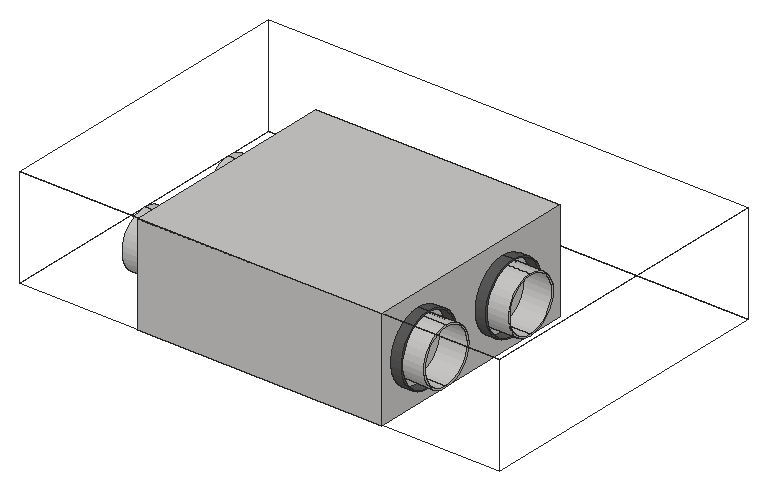
Revit family "Broan®-SKY_Series-Energy_Recovery_Ventilator-102_CFM_at_0.4_in._w.g", category Mechanical Equipment, Revit 2019
Family settings
  Round Connector Dimension = Use Diameter
  Classification = None
  Part Type = Normal
  Work Plane-Based = Yes
  Always vertical = No
  Cut with Voids When Loaded = No
  Shared = No
  Room Calculation Point = No
Parameters (values of type "ERV100S")
  c Width = 22.00"
  c Vent Height = (Width - c Width) / 2  # 2.565"
  c Top Clearance = 0.00"  # constant formula
  c Right Clrearance = 8.00"  # constant formula
  c Offset vent side = (Length - 1.00") / 4  # 4.75"
  c MC width = 6.25" / 2  # 3.125"
  c Left Clearance = 8.00"  # constant formula
  c Gen Diameter = 5.00"  # constant formula
  c Front Clearance = 8.00"  # constant formula
  c Back Clearance = 0.00"  # constant formula
  Width = 27.13"  # constant formula
  Voltage = 120 V
  Version = ""
  URL = "https://www.broan-nutone.com/"
  Support Phone = "(224) 699-9545"  # constant formula
  Support Email = "mailto:support@anguleris.com"
  Supply Air Connection Diameter = c Gen Diameter  # 5"
  Return Air Connection Diameter = c Gen Diameter  # 5"
  Requirements and Standards = "CSA C439\r\nUL 1812\r\nCSA C22.2\r\nCSA C444"
  Product Page URL = "https://www.broan-nutone.com/en-us/product/freshairsystems/erv100s"
  Product Name = "Broan® SKY Series Energy Recovery Ventilator, 102 CFM at 0.4 in. w.g."
  Product Documentation Link = "https://www.broan-nutone.com/getmedia/dd3e5fb3-abfc-42f9-9000-466b3a61f9da/Spec-Sheet-ERV100S.pdf?ext=.pdf"
  Power Factor = 0
  Phase = 1
  Operating Weight = 32.00 lbf  # constant formula
  Number of Poles = 1
  Noise = 67.8
  Model = "ERV100S"
  Manufacturer Phone Number = "800-558-1711"  # constant formula
  Manufacturer Contact Information = "mailto:info@broan-nutone.com"
  Manufacturer Address = "\"926 W State St, Hartford, WI 53027\""
  Manufacturer = "Broan"  # constant formula
  Length = 20.00"  # constant formula
  Height = 9.00"  # constant formula
  Frequency = 60 Hz
  Fan Wattage = 96 W
  Exhaust Air Connection Diameter = c Gen Diameter  # 5"
  Default Elevation = 0.00"
  Copyright = "\"Copyright © 2021 Broan-NuTone, LLC. All Rights Reserved\""
  c Lenght = Length - (6.25" / 2)  # 16.875"
  Clearance [instance] = yes
  Air Volume = 100 CFM  # constant formula
Reference planes (in)
  plane 1 "Center (Front/Back)": y = 0
  plane 2: z = 0
  plane 3 "Center (Left/Right)": x = 0
  plane 4: y = 11
  plane 5: x = 13.565
  plane 6: y = -9
  plane 7: x = -13.565
  plane 8: z = 9
  plane 9: x = 11
  plane 10: x = -11
  plane 11: y = 19
  plane 12: x = 21.565
  plane 13: y = -9
  plane 14: x = -21.565
  plane 15: z = 4.75
  plane 16: z = 5.5
  plane 17: z = 9
  plane 18: y = 4.5
  plane 19: y = -5
Forms (in)
  Extrusion 1, solid, material "Metal - Broan NuTone - Steel"
    sketch origin (0, 0, 0) x (1, 0, 0) y (0, 1, 0)
      loop
        line (11, 11) -> (-11, 11) -> (-11, -9) -> (11, -9) -> (11, 11)
    from 0 to 9
  Extrusion 2, solid, material "Clearances - Broan NuTone", visible <- "Clearance"
    sketch origin (0, 0, 0) x (1, 0, 0) y (0, 1, 0)
      loop
        line (-21.565, 19) -> (-21.565, -9) -> (21.565, -9) -> (21.565, 19) -> (-21.565, 19)
    from 0 to 9
Dimensions and locks (in)
  equal spacing: plane 7, plane 3 "Center (Left/Right)", plane 5
  "Height": plane 8 to level
  "Width": plane 7 to plane 5
  "Length": plane 6 to plane 4
  "c Front Clearance": plane 11 to plane 4
  "c Back Clearance": plane 13 to plane 6
  "c Left Clearance": plane 14 to plane 7
  "c Right Clrearance": plane 5 to plane 12
  equal spacing: plane 10, plane 3 "Center (Left/Right)", plane 9
  "c Width": plane 10 to plane 9
  plane 15 to level = 4.75"
  locked: plane 15 to plane 8 at 4.25
  plane 16 to level = 5.50"
  "c Top Clearance": plane 17 to plane 8
  locked: plane 18 to plane 19 at 9.5
  locked: plane 19 to plane 6 at 4
  aligned and locked: plane 2 to level
  aligned and locked: Extrusion 1 sketch curve to plane 10
  aligned and locked: plane 9 to Extrusion 1 sketch curve
  aligned and locked: nested 4 to plane 15
  aligned and locked: nested 2 to plane 15
  aligned and locked: nested 1 to plane 15
  aligned and locked: nested 3 to plane 15
  aligned and locked: Extrusion 2 sketch curve to plane 12
  aligned and locked: plane 13 to Extrusion 2 sketch curve
  aligned and locked: plane 14 to Extrusion 2 sketch curve
  aligned and locked: Extrusion 2 sketch curve to plane 11
  aligned and locked: plane 17 to Extrusion 2
  aligned and locked: plane 18 to nested 4
  aligned and locked: nested 2 to plane 18
  aligned and locked: nested 1 to plane 19
  aligned and locked: nested 4 to plane 10
  aligned and locked: plane 9 to nested 2
  aligned and locked: plane 9 to nested 1
  aligned and locked: nested 3 to plane 10
  aligned and locked: plane 19 to nested 3
  aligned and locked: plane 4 to Extrusion 1 sketch curve
  aligned and locked: plane 6 to Extrusion 1 sketch curve
Nested families (in)
  nested 1: "Vent" at (11, -5, 4.75) x (0, 1, 0) z (1, 0, 0), type "Vent"
    with S Border no, Border visibility yes, Upper Border Height 1.539", Height 2.565", Border Height 1.026"
  nested 2: "Vent" at (11, 4.5, 4.75) x (0, 1, 0) z (1, 0, 0), type "Vent"
    with S Border no, Border visibility yes, Upper Border Height 1.539", Height 2.565", Border Height 1.026"
  nested 3: "Vent" at (-11, -5, 4.75) x (0, -1, 0) z (-1, 0, 0), type "Vent"
    with S Border yes, Border visibility no, Upper Border Height 1.539", Height 2.565", Border Height 1.026"
  nested 4: "Vent" at (-11, 4.5, 4.75) x (0, -1, 0) z (-1, 0, 0), type "Vent"
    with S Border yes, Border visibility no, Upper Border Height 1.539", Height 2.565", Border Height 1.026"
Connectors (in)
  hvac at (13.565, 4.5, 4.75)
    settings: on nested 2, index 1, duct flow 0 CFM, flow factor 0, pres drop 0.00 in-wg, loss coef 0, conn angle 0.00°, conn width 12", conn height 12", conn diameter 5", duct sys type 3, conn prof type 0, flow config 0, flow direction 0, loss method 0, conn ref index -1, conn util no, is conn primary yes, conn desc "Exhaust air to outdoor"
  hvac at (13.565, -5, 4.75)
    settings: on nested 1, index 2, duct flow 0 CFM, flow factor 0, pres drop 0.00 in-wg, loss coef 0, conn angle 0.00°, conn width 12", conn height 12", conn diameter 5", duct sys type 2, conn prof type 0, flow config 0, flow direction 0, loss method 0, conn ref index -1, conn util no, is conn primary no, conn desc "Fresh air from outdoorFresh air from outdoor"
  hvac at (-13.565, -5, 4.75)
    settings: on nested 3, index 3, duct flow 0 CFM, flow factor 0, pres drop 0.00 in-wg, loss coef 0, conn angle 0.00°, conn width 12", conn height 12", conn diameter 5", duct sys type 3, conn prof type 0, flow config 0, flow direction 0, loss method 0, conn ref index -1, conn util no, is conn primary no, conn desc "Exhaust air from building"
  hvac at (-13.565, 4.5, 4.75)
    settings: on nested 4, index 4, duct flow 0 CFM, flow factor 0, pres drop 0.00 in-wg, loss coef 0, conn angle 0.00°, conn width 12", conn height 12", conn diameter 5", duct sys type 1, conn prof type 0, flow config 0, flow direction 0, loss method 0, conn ref index -1, conn util no, is conn primary no, conn desc "Fresh air to building"
  electrical at (0, 11, 4.5), driven by "Voltage", driven by "Power Factor"
    settings: on Extrusion 1, index 5, voltage 120 V, apparent load 0 VA, apparent load phase1 0 VA, apparent load phase2 0 VA, apparent load phase3 0 VA, power factor 0, load classification "Power", number of poles 1, system type 31, power factor state 1, is connector primary yes, connector utility no, sub classification motor no, connector description ""
Definition of nested family "Vent"
  Parameters (values of type "Vent")
    Width = 0.10"
    Vent Material = none
    Upper border width = 0.10"
    Upper Border Height = 1.5 * Border Height  # 1.509"
    S Border [instance] = no
    Radius = Diameter / 2  # 2.50"
    Height = 2.515"
    Diameter = 5.00"
    Default Elevation = 48.00"
    Border visibility [instance] = not(S Border)  # yes
    Border Width = Width  # 0.10"
    Border Material = none
    Border Height = Height / 2.5  # 1.006"
    Border = Diameter / 8  # 0.625"
  Reference planes (in)
    plane 1 "Center (Front/Back)": y = 0
    plane 2: z = 0
    plane 3 "Center (Left/Right)": x = 0
    plane 4: y = 3.125
    plane 5: y = 2.5
    plane 6: z = 2.515
    plane 7: z = 1.006
    plane 8: y = 2.4
    plane 9: z = 1.006
    plane 10: x = -2.5
    plane 11: x = 2.5
  Forms (in)
    Revolve 1, solid, material <- "Vent Material", detail levels coarse
      sketch origin (0, 0, 0) x (0, 1, 0) y (0, 0, 1)
        loop
          line (0, 2.515) -> (0, 0) -> (2.5, 0) -> (2.5, 2.515) -> (0, 2.515)
        axis (0, 2.515) -> (0, 0)
      angle from 0 to 360
    Revolve 2, solid, material <- "Vent Material", detail levels medium+fine
      sketch origin (0, 0, 0) x (0, 1, 0) y (0, 0, 1)
        loop
          line (2.4, 2.515) -> (2.4, 0) -> (2.5, 0) -> (2.5, 2.515) -> (2.4, 2.515)
        axis (0, 2.515) -> (0, 0)
      angle from 0 to 360
    Revolve 3, solid, material <- "Border Material", visible <- "Border visibility", detail levels medium+fine
      sketch origin (0, 0, 0) x (0, 1, 0) y (0, 0, 1)
        loop
          line (3.125, 1.006) -> (3.025, 1.006) -> (3.025, 0) -> (3.125, 0) -> (3.125, 1.006)
        axis (0, 1.006) -> (0, 0)
      angle from 0 to 360
    Revolve 4, solid, material <- "Vent Material", visible <- "S Border", detail levels medium+fine
      sketch origin (0, 0, 0) x (1, 0, 0) y (0, 0, 1)
        loop
          line (-2.9, 0) -> (-2.9, 0.5) -> (-3.00488, 0.5) -> (-3.00488, 0) -> (-2.9, 0)
        axis (0, 0.5) -> (0, 0)
      angle from 0 to 360
  Dimensions and locks (in)
    "Radius": plane 5 to plane 1 "Center (Front/Back)"
    "Border": plane 4 to plane 5
    "Border Height": plane 7 to level
    "Height": plane 6 to level
    "Width": plane 5 to plane 8
    "Border Width": plane 4 to Revolve 3 sketch curve
    "Upper Border Height": plane 6 to plane 9
    equal spacing: plane 11, plane 3 "Center (Left/Right)", plane 10
    "Diameter": plane 11 to plane 10
    plane 10 to Revolve 4 sketch curve to Revolve 4 sketch curve = 0.40", 0.10488" locked
    locked: Revolve 4 sketch curve to level at 0.5
    aligned and locked: plane 2 to level
    aligned and locked: Revolve 1 sketch curve to Revolve 1 sketch curve
    aligned and locked: plane 6 to Revolve 1 sketch curve
    aligned and locked: Revolve 1 sketch curve to plane 5
    aligned and locked: Revolve 2 sketch curve to plane 6
    aligned and locked: level to Revolve 2 sketch curve
    aligned and locked: Revolve 2 sketch curve to plane 8
    aligned and locked: plane 5 to Revolve 2 sketch curve
    aligned and locked: Revolve 3 sketch curve to plane 4
    aligned and locked: plane 7 to Revolve 3 sketch curve
    aligned and locked: Revolve 3 sketch curve to level
  Automatic sketch dimensions
    Revolve 1 sketch curve to plane 1 "Center (Front/Back)" = 0.00"
    Revolve 1 sketch curve to level = 0.00"
    Revolve 1 sketch curve to level = 24.00"
    plane 6 to Revolve 1 sketch curve = 79.96332"
    Revolve 4 sketch curve to level = 0.00"
    Revolve 4 sketch curve to plane 3 "Center (Left/Right)" = 0.00"
    Revolve 4 sketch curve to level = 24.00"
    plane 6 to Revolve 4 sketch curve = 100.20382"
    Revolve 3 sketch curve to plane 1 "Center (Front/Back)" = 0.00"
    Revolve 3 sketch curve to level = 24.00"
    plane 6 to Revolve 3 sketch curve = 79.96332"
